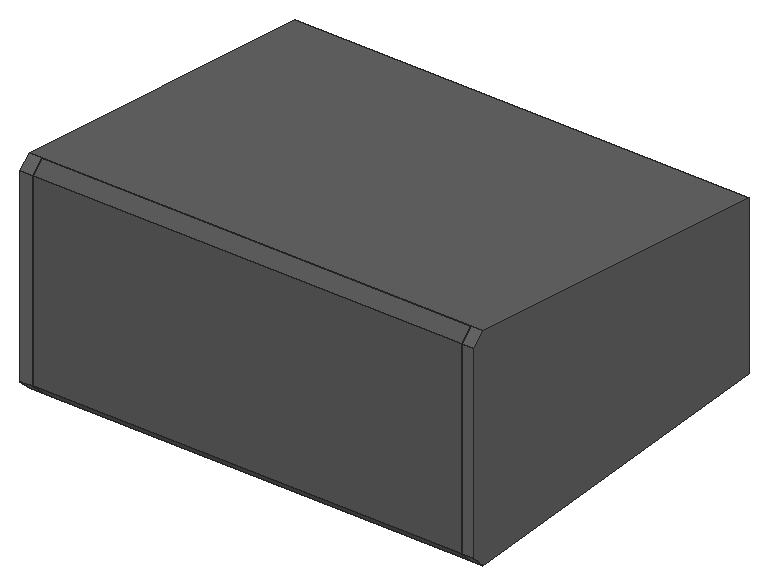
Revit family "WL218-sw", category Communication Devices, Revit 2012
Parameters
  Width = 45.920"
  Weight Product (lb) = 204
  Weight Product (kg) = 92.5
  Weight Dimensional (lb) = 244
  Weight Dimensional (kg) = 110
  URL = "http://www.qscaudio.com/products/speakers/isis/wideline/wideline_218.htm"
  Sensitivity = 101
  SPL Max = 133
  Regulatory Compliance = "RoHS"
  Rear Height = 16.000"
  Product Page URL = "http://www.qscaudio.com/products/speakers/isis/wideline/wideline_218.htm"
  Product Documentation Link = "http://media.qscaudio.com/pdfs/Specifications/WideLineSub_spec.pdf"
  Power Handling = 3000
  Model = "WL218-sw"
  Manufacturer URL = "www.qscaudio.com"
  Manufacturer = "QSC Audio Products, LLC"
  Impedance = 4
  Height = 21.320"
  Grill Width = 43.420"
  Grill Material = Black Grille
  Grill Extent Height = 19.072"
  Enclosure Material = Black Finish
  Description = "Vented Dual 18\" Subwoofer"
  Depth = 34.750"
  Default Elevation = 48.000"
  Apex Offset From Front = 1.183"
Reference planes (in)
  plane 1 "Center (Front/Back)": y = 0
  plane 2: z = 0
  plane 3 "Center (Left/Right)": x = 0
  plane 4 "Enclosure Left": x = -22.96
  plane 5 "Enclosure Right": x = 22.96
  plane 6 "Enclosure Rear": y = 17.375
  plane 7 "Enlcosure Front": y = -17.375
  plane 8 "Enclosure Top": z = 10.66
  plane 9 "Enclosure Bottom": z = -10.66
  plane 10 "Grill Extent Top": z = 9.536
  plane 11 "Grill Extent Bottom": z = -9.536
  plane 12 "Enclosure Apex": y = -16.192
  plane 13: z = 8
  plane 14: z = -8
  plane 15 "Grill Left": x = -21.71
  plane 16 "Grill Right": x = 21.71
  plane 17 "Top Angle": through (0, -16.192, 10.66) normal (0, 0.079, 0.9969)
  plane 18 "Bottom Angle": through (0, -16.192, -10.66) normal (0, -0.079, 0.9969)
Forms (in)
  Extrusion 1, solid, material "Black Finish" <- "Enclosure Material"
    sketch origin (22.96, 0, 0) x (0, 1, 0) y (0, 0, -1)
      loop
        line (-17.375, -9.536) -> (-16.192, -10.66) -> (17.375, -8) -> (17.375, 8) -> (-16.192, 10.66) -> (-17.375, 9.536) -> (-17.375, -9.536)
    from 0 to 45.92 <- "Width"
  Extrusion 2, void
    sketch origin (21.71, 0, 0) x (0, 1, 0) y (0, 0, -1)
      loop
        line (-17.375, -10.66) -> (-16.192, -10.66) -> (-16.192, 10.66) -> (-17.375, 10.66) -> (-17.375, -10.66)
    from 0 to 43.42 <- "Grill Width"
  Extrusion 3, solid, material "Black Grille" <- "Grill Material"
    sketch origin (21.71, 0, 0) x (0, 1, 0) y (0, 0, -1)
      loop
        line (-16.192, -10.66) -> (-16.192, 10.66) -> (-17.375, 9.536)
        arc (-17.375, 9.536) -> (-16.9198, 0) -> (-17.375, -9.536) r 100.11221
        line (-17.375, -9.536) -> (-16.192, -10.66)
    from 0 to 43.42 <- "Grill Width"
  Extrusion 4, void
    sketch origin (0, 17.375, 0) x (1, 0, 0) y (0, 0, 1)
      loop
        line (-3.51, 3.37) -> (-11.67, 3.37)
        arc (-11.67, 3.37) -> (-11.84678, 3.29678) -> (-11.92, 3.12) r 0.25
        line (-11.92, 3.12) -> (-11.92, -2.76)
        arc (-11.92, -2.76) -> (-11.84678, -2.93678) -> (-11.67, -3.01) r 0.25
        line (-11.67, -3.01) -> (-3.51, -3.01)
        arc (-3.51, -3.01) -> (-3.33322, -2.93678) -> (-3.26, -2.76) r 0.25
        line (-3.26, -2.76) -> (-3.26, 3.12)
        arc (-3.26, 3.12) -> (-3.33322, 3.29678) -> (-3.51, 3.37) r 0.25
    from 0 to 0.1
Cuts and joins
  Extrusion 2, Extrusion 4 cuts Extrusion 1
Lines and regions (in)
  model lines, not visible, detail levels medium+fine
    curve 1: line (21.71, -71.09534, 33.12487) -> (21.71, -62.43434, 33.12487)
    curve 2: line (21.71, -71.09534, 26.74687) -> (21.71, -71.09534, 33.12487)
    curve 3: line (21.71, -62.43434, 26.74687) -> (21.71, -71.09534, 26.74687)
    curve 4: line (21.71, -62.43434, 33.12487) -> (21.71, -62.43434, 26.74687)
    curve 5: line (21.71, -69.97584, 31.98487) -> (21.71, -63.55384, 31.98487)
    curve 6: line (21.71, -69.97584, 27.88687) -> (21.71, -69.97584, 31.98487)
    curve 7: line (21.71, -63.55384, 27.88687) -> (21.71, -69.97584, 27.88687)
    curve 8: line (21.71, -63.55384, 31.98487) -> (21.71, -63.55384, 27.88687)
    curve 9: line (21.71, -67.84084, 31.98487) -> (21.71, -67.84084, 27.88687)
    curve 10: line (21.71, -66.84084, 31.98487) -> (21.71, -66.84084, 27.88687)
  model lines, detail levels medium+fine
    curve 11: line (22.96, -8.96749, 3.189) -> (22.96, -0.30649, 3.189)
    curve 12: line (22.96, -8.96749, -3.189) -> (22.96, -8.96749, 3.189)
    curve 13: line (22.96, -0.30649, -3.189) -> (22.96, -8.96749, -3.189)
    curve 14: line (22.96, -0.30649, 3.189) -> (22.96, -0.30649, -3.189)
    curve 15: line (22.96, -7.84799, 2.049) -> (22.96, -1.42599, 2.049)
    curve 16: line (22.96, -7.84799, -2.049) -> (22.96, -7.84799, 2.049)
    curve 17: line (22.96, -1.42599, -2.049) -> (22.96, -7.84799, -2.049)
    curve 18: line (22.96, -1.42599, 2.049) -> (22.96, -1.42599, -2.049)
    curve 19: line (22.96, -5.71299, 2.049) -> (22.96, -5.71299, -2.049)
    curve 20: line (22.96, -4.71299, 2.049) -> (22.96, -4.71299, -2.049)
    curve 21: line (22.96, 5.37045, -4.3305) -> (22.96, 5.37045, 4.3305)
    curve 22: line (22.96, 11.74845, -4.3305) -> (22.96, 5.37045, -4.3305)
    curve 23: line (22.96, 11.74845, 4.3305) -> (22.96, 11.74845, -4.3305)
    curve 24: line (22.96, 5.37045, 4.3305) -> (22.96, 11.74845, 4.3305)
    curve 25: line (22.96, 6.51045, -3.211) -> (22.96, 6.51045, 3.211)
    curve 26: line (22.96, 10.60845, -3.211) -> (22.96, 6.51045, -3.211)
    curve 27: line (22.96, 10.60845, 3.211) -> (22.96, 10.60845, -3.211)
    curve 28: line (22.96, 6.51045, 3.211) -> (22.96, 10.60845, 3.211)
    curve 29: line (22.96, 6.51045, -1.076) -> (22.96, 10.60845, -1.076)
    curve 30: line (22.96, 6.51045, -0.076) -> (22.96, 10.60845, -0.076)
    curve 31: line (-22.96, -8.9839, 3.189) -> (-22.96, -0.3229, 3.189)
    curve 32: line (-22.96, -8.9839, -3.189) -> (-22.96, -8.9839, 3.189)
    curve 33: line (-22.96, -0.3229, -3.189) -> (-22.96, -8.9839, -3.189)
    curve 34: line (-22.96, -0.3229, 3.189) -> (-22.96, -0.3229, -3.189)
    curve 35: line (-22.96, -7.8644, 2.049) -> (-22.96, -1.4424, 2.049)
    curve 36: line (-22.96, -7.8644, -2.049) -> (-22.96, -7.8644, 2.049)
    curve 37: line (-22.96, -1.4424, -2.049) -> (-22.96, -7.8644, -2.049)
    curve 38: line (-22.96, -1.4424, 2.049) -> (-22.96, -1.4424, -2.049)
    curve 39: line (-22.96, -5.7294, 2.049) -> (-22.96, -5.7294, -2.049)
    curve 40: line (-22.96, -4.7294, 2.049) -> (-22.96, -4.7294, -2.049)
    curve 41: line (-22.96, 5.32363, -4.3305) -> (-22.96, 5.32363, 4.3305)
    curve 42: line (-22.96, 11.70163, -4.3305) -> (-22.96, 5.32363, -4.3305)
    curve 43: line (-22.96, 11.70163, 4.3305) -> (-22.96, 11.70163, -4.3305)
    curve 44: line (-22.96, 5.32363, 4.3305) -> (-22.96, 11.70163, 4.3305)
    curve 45: line (-22.96, 6.46363, -3.211) -> (-22.96, 6.46363, 3.211)
    curve 46: line (-22.96, 10.56163, -3.211) -> (-22.96, 6.46363, -3.211)
    curve 47: line (-22.96, 10.56163, 3.211) -> (-22.96, 10.56163, -3.211)
    curve 48: line (-22.96, 6.46363, 3.211) -> (-22.96, 10.56163, 3.211)
    curve 49: line (-22.96, 6.46363, -1.076) -> (-22.96, 10.56163, -1.076)
    curve 50: line (-22.96, 6.46363, -0.076) -> (-22.96, 10.56163, -0.076)
    curve 51: line (-8.07377, -11.84259, 10.31533) -> (-8.07377, -3.20866, 9.63114)
    curve 52: line (-14.45177, -11.84259, 10.31533) -> (-8.07377, -11.84259, 10.31533)
    curve 53: line (-14.45177, -3.20866, 9.63114) -> (-14.45177, -11.84259, 10.31533)
    curve 54: line (-8.07377, -3.20866, 9.63114) -> (-14.45177, -3.20866, 9.63114)
    curve 55: line (-9.21377, -10.72659, 10.2269) -> (-9.21377, -4.32466, 9.71958)
    curve 56: line (-13.31177, -10.72659, 10.2269) -> (-9.21377, -10.72659, 10.2269)
    curve 57: line (-13.31177, -4.32466, 9.71958) -> (-13.31177, -10.72659, 10.2269)
    curve 58: line (-9.21377, -4.32466, 9.71958) -> (-13.31177, -4.32466, 9.71958)
    curve 59: line (-9.21377, -8.59826, 10.05824) -> (-13.31177, -8.59826, 10.05824)
    curve 60: line (-9.21377, -7.60139, 9.97924) -> (-13.31177, -7.60139, 9.97924)
    curve 61: line (-15.01277, 6.5358, 8.85895) -> (-6.35177, 6.5358, 8.85895)
    curve 62: line (-15.01277, 12.89386, 8.35511) -> (-15.01277, 6.5358, 8.85895)
    curve 63: line (-6.35177, 12.89386, 8.35511) -> (-15.01277, 12.89386, 8.35511)
    curve 64: line (-6.35177, 6.5358, 8.85895) -> (-6.35177, 12.89386, 8.35511)
    curve 65: line (-13.89327, 7.67223, 8.76889) -> (-7.47127, 7.67223, 8.76889)
    curve 66: line (-13.89327, 11.75743, 8.44516) -> (-13.89327, 7.67223, 8.76889)
    curve 67: line (-7.47127, 11.75743, 8.44516) -> (-13.89327, 11.75743, 8.44516)
    curve 68: line (-7.47127, 7.67223, 8.76889) -> (-7.47127, 11.75743, 8.44516)
    curve 69: line (-11.75827, 7.67223, 8.76889) -> (-11.75827, 11.75743, 8.44516)
    curve 70: line (-10.75827, 7.67223, 8.76889) -> (-10.75827, 11.75743, 8.44516)
    curve 71: line (8.07377, -11.84259, 10.31533) -> (8.07377, -3.20866, 9.63114)
    curve 72: line (14.45177, -11.84259, 10.31533) -> (8.07377, -11.84259, 10.31533)
    curve 73: line (14.45177, -3.20866, 9.63114) -> (14.45177, -11.84259, 10.31533)
    curve 74: line (8.07377, -3.20866, 9.63114) -> (14.45177, -3.20866, 9.63114)
    curve 75: line (9.21377, -10.72659, 10.2269) -> (9.21377, -4.32466, 9.71958)
    curve 76: line (13.31177, -10.72659, 10.2269) -> (9.21377, -10.72659, 10.2269)
    curve 77: line (13.31177, -4.32466, 9.71958) -> (13.31177, -10.72659, 10.2269)
    curve 78: line (9.21377, -4.32466, 9.71958) -> (13.31177, -4.32466, 9.71958)
    curve 79: line (9.21377, -8.59826, 10.05824) -> (13.31177, -8.59826, 10.05824)
    curve 80: line (9.21377, -7.60139, 9.97924) -> (13.31177, -7.60139, 9.97924)
    curve 81: line (15.01277, 6.5358, 8.85895) -> (6.35177, 6.5358, 8.85895)
    curve 82: line (15.01277, 12.89386, 8.35511) -> (15.01277, 6.5358, 8.85895)
    curve 83: line (6.35177, 12.89386, 8.35511) -> (15.01277, 12.89386, 8.35511)
    curve 84: line (6.35177, 6.5358, 8.85895) -> (6.35177, 12.89386, 8.35511)
    curve 85: line (13.89327, 7.67223, 8.76889) -> (7.47127, 7.67223, 8.76889)
    curve 86: line (13.89327, 11.75743, 8.44516) -> (13.89327, 7.67223, 8.76889)
    curve 87: line (7.47127, 11.75743, 8.44516) -> (13.89327, 11.75743, 8.44516)
    curve 88: line (7.47127, 7.67223, 8.76889) -> (7.47127, 11.75743, 8.44516)
    curve 89: line (11.75827, 7.67223, 8.76889) -> (11.75827, 11.75743, 8.44516)
    curve 90: line (10.75827, 7.67223, 8.76889) -> (10.75827, 11.75743, 8.44516)
    curve 91: line (14.27823, -11.82732, -10.31412) -> (14.27823, -3.19339, -9.62993)
    curve 92: line (7.90023, -11.82732, -10.31412) -> (14.27823, -11.82732, -10.31412)
    curve 93: line (7.90023, -3.19339, -9.62993) -> (7.90023, -11.82732, -10.31412)
    curve 94: line (14.27823, -3.19339, -9.62993) -> (7.90023, -3.19339, -9.62993)
    curve 95: line (13.13823, -10.71132, -10.22569) -> (13.13823, -4.30939, -9.71837)
    curve 96: line (9.04023, -10.71132, -10.22569) -> (13.13823, -10.71132, -10.22569)
    curve 97: line (9.04023, -4.30939, -9.71837) -> (9.04023, -10.71132, -10.22569)
    curve 98: line (13.13823, -4.30939, -9.71837) -> (9.04023, -4.30939, -9.71837)
    curve 99: line (13.13823, -8.58299, -10.05703) -> (9.04023, -8.58299, -10.05703)
    curve 100: line (13.13823, -7.58612, -9.97803) -> (9.04023, -7.58612, -9.97803)
    curve 101: line (14.91887, 5.42677, -8.94683) -> (6.25787, 5.42677, -8.94683)
    curve 102: line (14.91887, 11.78484, -8.44299) -> (14.91887, 5.42677, -8.94683)
    curve 103: line (6.25787, 11.78484, -8.44299) -> (14.91887, 11.78484, -8.44299)
    curve 104: line (6.25787, 5.42677, -8.94683) -> (6.25787, 11.78484, -8.44299)
    curve 105: line (13.79937, 6.56321, -8.85678) -> (7.37737, 6.56321, -8.85678)
    curve 106: line (13.79937, 10.6484, -8.53305) -> (13.79937, 6.56321, -8.85678)
    curve 107: line (7.37737, 10.6484, -8.53305) -> (13.79937, 10.6484, -8.53305)
    curve 108: line (7.37737, 6.56321, -8.85678) -> (7.37737, 10.6484, -8.53305)
    curve 109: line (11.66437, 6.56321, -8.85678) -> (11.66437, 10.6484, -8.53305)
    curve 110: line (10.66437, 6.56321, -8.85678) -> (10.66437, 10.6484, -8.53305)
    curve 111: line (-14.27823, -11.82732, -10.31412) -> (-14.27823, -3.19339, -9.62993)
    curve 112: line (-7.90023, -11.82732, -10.31412) -> (-14.27823, -11.82732, -10.31412)
    curve 113: line (-7.90023, -3.19339, -9.62993) -> (-7.90023, -11.82732, -10.31412)
    curve 114: line (-14.27823, -3.19339, -9.62993) -> (-7.90023, -3.19339, -9.62993)
    curve 115: line (-13.13823, -10.71132, -10.22569) -> (-13.13823, -4.30939, -9.71837)
    curve 116: line (-9.04023, -10.71132, -10.22569) -> (-13.13823, -10.71132, -10.22569)
    curve 117: line (-9.04023, -4.30939, -9.71837) -> (-9.04023, -10.71132, -10.22569)
    curve 118: line (-13.13823, -4.30939, -9.71837) -> (-9.04023, -4.30939, -9.71837)
    curve 119: line (-13.13823, -8.58299, -10.05703) -> (-9.04023, -8.58299, -10.05703)
    curve 120: line (-13.13823, -7.58612, -9.97803) -> (-9.04023, -7.58612, -9.97803)
    curve 121: line (-14.91887, 5.42677, -8.94683) -> (-6.25787, 5.42677, -8.94683)
    curve 122: line (-14.91887, 11.78484, -8.44299) -> (-14.91887, 5.42677, -8.94683)
    curve 123: line (-6.25787, 11.78484, -8.44299) -> (-14.91887, 11.78484, -8.44299)
    curve 124: line (-6.25787, 5.42677, -8.94683) -> (-6.25787, 11.78484, -8.44299)
    curve 125: line (-13.79937, 6.56321, -8.85678) -> (-7.37737, 6.56321, -8.85678)
    curve 126: line (-13.79937, 10.6484, -8.53305) -> (-13.79937, 6.56321, -8.85678)
    curve 127: line (-7.37737, 10.6484, -8.53305) -> (-13.79937, 10.6484, -8.53305)
    curve 128: line (-7.37737, 6.56321, -8.85678) -> (-7.37737, 10.6484, -8.53305)
    curve 129: line (-11.66437, 6.56321, -8.85678) -> (-11.66437, 10.6484, -8.53305)
    curve 130: line (-10.66437, 6.56321, -8.85678) -> (-10.66437, 10.6484, -8.53305)
Dimensions and locks (in)
  equal spacing: plane 4 "Enclosure Left", plane 3 "Center (Left/Right)", plane 5 "Enclosure Right"
  "Width": plane 4 "Enclosure Left" to plane 5 "Enclosure Right"
  equal spacing: plane 7 "Enlcosure Front", plane 1 "Center (Front/Back)", plane 6 "Enclosure Rear"
  "Depth": plane 7 "Enlcosure Front" to plane 6 "Enclosure Rear"
  equal spacing: plane 9 "Enclosure Bottom", level, plane 8 "Enclosure Top"
  "Height": plane 9 "Enclosure Bottom" to plane 8 "Enclosure Top"
  equal spacing: plane 11 "Grill Extent Bottom", level, plane 10 "Grill Extent Top"
  "Grill Extent Height": plane 11 "Grill Extent Bottom" to plane 10 "Grill Extent Top"
  "Apex Offset From Front": plane 7 "Enlcosure Front" to plane 12 "Enclosure Apex"
  equal spacing: plane 14, level, plane 13
  "Rear Height": plane 13 to plane 14
  equal spacing: plane 15 "Grill Left", plane 3 "Center (Left/Right)", plane 16 "Grill Right"
  "Grill Width": plane 15 "Grill Left" to plane 16 "Grill Right"
  plane 7 "Enlcosure Front" to curve 12 = 8.40751"
  curve 23 to plane 6 "Enclosure Rear" = 5.62655"
  plane 6 "Enclosure Rear" to curve 43 = 5.67337"
  curve 32 to plane 7 "Enlcosure Front" = 8.3911"
  plane 7 "Enlcosure Front" to curve 52 = 5.53241"
  plane 4 "Enclosure Left" to curve 53 = 8.50823"
  Extrusion 3 to curve 52 = 5.53241"
  Extrusion 4 sketch curve to plane 4 "Enclosure Left" = 11.040"
  plane 14 to Extrusion 4 sketch curve = 4.990"
  aligned and locked: plane 2 to level
  aligned and locked: plane 5 "Enclosure Right" to curve 15
  aligned and locked: plane 4 "Enclosure Left" to curve 35
  aligned and locked: plane 4 "Enclosure Left" to curve 41
  aligned and locked: curve 24 to plane 5 "Enclosure Right"
  aligned and locked: plane 17 "Top Angle" to curve 55
  aligned and locked: curve 91 to plane 18 "Bottom Angle"
Automatic sketch dimensions
  Extrusion 1 sketch curve to plane 6 "Enclosure Rear" = 0.000"
  Extrusion 1 sketch curve to plane 8 "Enclosure Top" = 0.000"
  Extrusion 1 sketch curve to plane 12 "Enclosure Apex" = 0.000"  (x2)
  plane 9 "Enclosure Bottom" to Extrusion 1 sketch curve = 0.000"
  Extrusion 1 sketch curve to plane 7 "Enlcosure Front" = 0.000"
  Extrusion 1 sketch curve to plane 11 "Grill Extent Bottom" = 0.000"
  plane 14 to Extrusion 1 sketch curve = 0.000"
  Extrusion 1 sketch curve to plane 13 = 0.000"
  plane 10 "Grill Extent Top" to Extrusion 1 sketch curve = 0.000"
  Extrusion 2 sketch curve to plane 8 "Enclosure Top" = 0.000"
  Extrusion 2 sketch curve to plane 12 "Enclosure Apex" = 0.000"
  Extrusion 2 sketch curve to plane 7 "Enlcosure Front" = 0.000"
  plane 9 "Enclosure Bottom" to Extrusion 2 sketch curve = 0.000"
  Extrusion 3 sketch curve to plane 7 "Enlcosure Front" = 0.000"  (x2)
  plane 9 "Enclosure Bottom" to Extrusion 3 sketch curve = 0.000"
  Extrusion 3 sketch curve to plane 12 "Enclosure Apex" = 0.000"
  Extrusion 3 sketch curve to plane 11 "Grill Extent Bottom" = 0.000"
  plane 10 "Grill Extent Top" to Extrusion 3 sketch curve = 0.000"
  Extrusion 3 sketch curve to plane 8 "Enclosure Top" = 0.000"
  plane 7 "Enlcosure Front" to Extrusion 3 sketch curve = 99.657"
  curve 6 to curve 9 = 2.135"
  curve 9 to curve 10 = 1.000"
  curve 10 to curve 8 = 3.287"
  curve 7 to curve 3 = 1.1195"
  curve 7 to curve 3 = 1.140"
  curve 5 to curve 6 = 4.098"
  curve 1 to curve 6 = 1.1195"
  curve 1 to curve 5 = 1.140"
  curve 16 to curve 19 = 2.135"
  curve 19 to curve 20 = 1.000"
  curve 20 to curve 18 = 3.287"
  curve 17 to curve 13 = 1.1195"
  curve 17 to curve 13 = 1.140"
  curve 15 to curve 16 = 4.098"
  curve 11 to curve 16 = 1.1195"
  curve 11 to curve 15 = 1.140"
  curve 26 to curve 29 = 2.135"
  curve 29 to curve 30 = 1.000"
  curve 30 to curve 28 = 3.287"
  curve 27 to curve 23 = 1.1195"
  curve 27 to curve 23 = 1.140"
  curve 25 to curve 26 = 4.098"
  curve 21 to curve 26 = 1.1195"
  curve 21 to curve 25 = 1.140"
  curve 36 to curve 39 = 2.135"
  curve 39 to curve 40 = 1.000"
  curve 40 to curve 38 = 3.287"
  curve 37 to curve 33 = 1.1195"
  curve 37 to curve 33 = 1.140"
  curve 35 to curve 36 = 4.098"
  curve 31 to curve 36 = 1.1195"
  curve 31 to curve 35 = 1.140"
  curve 46 to curve 49 = 2.135"
  curve 49 to curve 50 = 1.000"
  curve 50 to curve 48 = 3.287"
  curve 47 to curve 43 = 1.1195"
  curve 47 to curve 43 = 1.140"
  curve 45 to curve 46 = 4.098"
  curve 41 to curve 46 = 1.1195"
  curve 41 to curve 45 = 1.140"
  curve 56 to curve 59 = 2.135"
  curve 59 to curve 60 = 1.000"
  curve 60 to curve 58 = 3.287"
  curve 57 to curve 53 = 1.1195"
  curve 57 to curve 53 = 1.140"
  curve 55 to curve 56 = 4.098"
  curve 51 to curve 56 = 1.1195"
  curve 51 to curve 55 = 1.140"
  curve 66 to curve 69 = 2.135"
  curve 69 to curve 70 = 1.000"
  curve 70 to curve 68 = 3.287"
  curve 67 to curve 63 = 1.1195"
  curve 67 to curve 63 = 1.140"
  curve 65 to curve 66 = 4.098"
  curve 61 to curve 66 = 1.1195"
  curve 61 to curve 65 = 1.140"
  curve 76 to curve 79 = 2.135"
  curve 79 to curve 80 = 1.000"
  curve 80 to curve 78 = 3.287"
  curve 77 to curve 73 = 1.1195"
  curve 73 to curve 77 = 1.140"
  curve 76 to curve 75 = 4.098"
  curve 71 to curve 76 = 1.1195"
  curve 75 to curve 71 = 1.140"
  curve 86 to curve 89 = 2.135"
  curve 89 to curve 90 = 1.000"
  curve 90 to curve 88 = 3.287"
  curve 87 to curve 83 = 1.1195"
  curve 83 to curve 87 = 1.140"
  curve 86 to curve 85 = 4.098"
  curve 81 to curve 86 = 1.1195"
  curve 85 to curve 81 = 1.140"
  curve 96 to curve 99 = 2.135"
  curve 99 to curve 100 = 1.000"
  curve 100 to curve 98 = 3.287"
  curve 97 to curve 93 = 1.1195"
  curve 97 to curve 93 = 1.140"
  curve 95 to curve 96 = 4.098"
  curve 91 to curve 96 = 1.1195"
  curve 91 to curve 95 = 1.140"
  curve 106 to curve 109 = 2.135"
  curve 109 to curve 110 = 1.000"
  curve 110 to curve 108 = 3.287"
  curve 107 to curve 103 = 1.1195"
  curve 103 to curve 107 = 1.140"
  curve 106 to curve 105 = 4.098"
  curve 101 to curve 106 = 1.1195"
  curve 105 to curve 101 = 1.140"
  curve 116 to curve 119 = 2.135"
  curve 119 to curve 120 = 1.000"
  curve 120 to curve 118 = 3.287"
  curve 117 to curve 113 = 1.1195"
  curve 113 to curve 117 = 1.140"
  curve 116 to curve 115 = 4.098"
  curve 111 to curve 116 = 1.1195"
  curve 115 to curve 111 = 1.140"
  curve 126 to curve 129 = 2.135"
  curve 129 to curve 130 = 1.000"
  curve 130 to curve 128 = 3.287"
  curve 127 to curve 123 = 1.1195"
  curve 127 to curve 123 = 1.140"
  curve 125 to curve 126 = 4.098"
  curve 121 to curve 126 = 1.1195"
  curve 121 to curve 125 = 1.140"
  Extrusion 4 sketch curve to Extrusion 4 sketch curve = 0.250"  (x3)
  Extrusion 4 sketch curve to plane 3 "Center (Left/Right)" = 3.510"  (x2)
  level to Extrusion 4 sketch curve = 3.120"
Connectors (in)
  electrical at (-7.59, 17.275, 0.18)
    settings: on cut or joined group of Extrusion 1, Extrusion 2, Extrusion 4, index 1, voltage 0 V, apparent load 0 VA, apparent load phase1 0 VA, apparent load phase2 0 VA, apparent load phase3 0 VA, power factor 1, load classification "Other", number of poles 1, system type 14, power factor state 1, is connector primary yes, connector utility no, sub classification motor no, connector description "Speaker Input/Output (Parallel)"
  electrical at (-7.59, 17.275, 0.18)
    settings: on cut or joined group of Extrusion 1, Extrusion 2, Extrusion 4, index 2, voltage 0 V, apparent load 0 VA, apparent load phase1 0 VA, apparent load phase2 0 VA, apparent load phase3 0 VA, power factor 1, load classification "Other", number of poles 1, system type 14, power factor state 1, is connector primary no, connector utility no, sub classification motor no, connector description "Speaker Input/Output (Parallel)"
